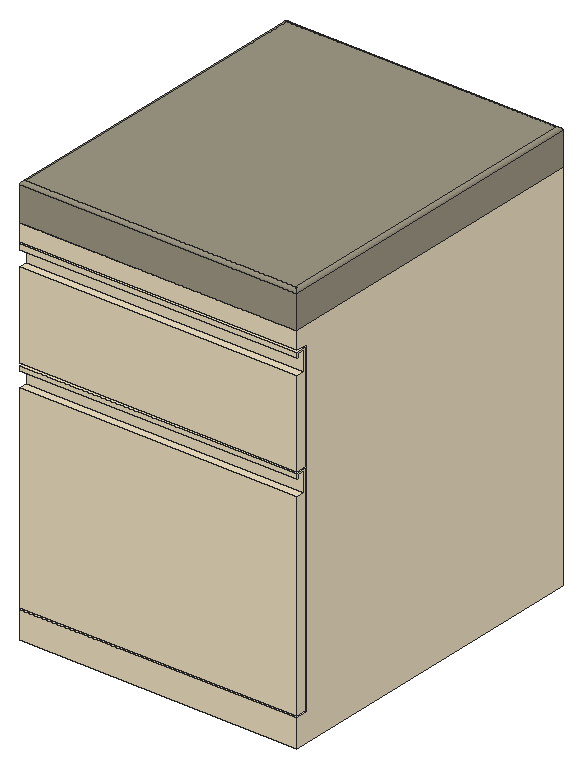
Revit family "19202f2ee04b4053995dd5758f5dfdd9", category Furniture Systems, Revit 2021
Family settings
  Round Connector Dimension = Use Diameter
  Part Type = Normal
  OmniClass Number = 23.40.70.14.64.21
  OmniClass Title = Systems Furniture
  Work Plane-Based = No
  Always vertical = Yes
  Cut with Voids When Loaded = No
  Shared = No
  Room Calculation Point = No
Parameters (values of type "15" x 18" x 21"")
  Width = 15"
  Type Comments = "15\" x 18\" x 21\" Double Drawer Cabinet"
  Show Solid [instance] = not(Show Dashed)  # yes
  Show Dashed [instance] = no
  Seat Visible [instance] = yes
  Seat Material [instance] = Fabric - Burlap
  Model = ""
  Manufacturer = ""
  Keynote = ""
  Height = 21"
  Drawer Material [instance] = Metal - Paint - Beige
  Description = ""
  Depth = 18"
  Default Elevation = 0"
  Cabinet Material [instance] = Metal - Paint - Beige
Types (4): name | Width | Type Comments | Depth
  15" x 22" x 21" | 15" | "15\" x 22\" x 21\" Double Drawer Cabinet" | 22"
  18" x 22" x 21" | 18" | "18\" x 22\" x 21\" Double Drawer Cabinet" | 22"
  15" x 18" x 21" | 15" | "15\" x 18\" x 21\" Double Drawer Cabinet" | 18"
  18" x 18" x 21" | 18" | "18\" x 18\" x 21\" Double Drawer Cabinet" | 18"
Reference planes (in)
  plane 1 "Back": y = 18
  plane 2: z = 0
  plane 3 "Center (Left/Right)": x = 0
  plane 4 "Left": x = -7.5
  plane 5 "Right": x = 7.5
  plane 6 "Center (Front/Back)": y = 0
  plane 7: y = 0.656
  plane 8 "Top": z = 21
  plane 9: z = 2.21875
  plane 10: z = 20.0625
  plane 11: z = 19.9375
  plane 12: z = 18.82855
  plane 13: z = 14.1875
  plane 14: z = 14.0625
  plane 15: z = 12.95355
  plane 16: z = 0.75
  plane 17: y = 3
  plane 18: y = 15
  plane 19: x = -5.375
  plane 20: x = -3.625
  plane 21: x = 5.375
  plane 22: x = 3.625
  plane 23 "Seat Top": z = 23
  plane 24: y = 0.531
  plane 25: z = 36
Forms (in)
  Extrusion 1, solid, material "Metal - Paint - Beige" <- "Cabinet Material"
    sketch origin (0, 22, 0) x (1, 0, 0) y (0, 1, 0)
      loop
        line (-7.5, -4) -> (-7.5, -21.344) -> (7.5, -21.344) -> (7.5, -4) -> (-7.5, -4)
    from 2.21875 to 20.0625
  Extrusion 2, solid, material "Metal - Paint - Beige" <- "Cabinet Material"
    sketch origin (0, 22, 0) x (1, 0, 0) y (0, 1, 0)
      loop
        line (-7.5, -4) -> (-7.5, -22) -> (7.5, -22) -> (7.5, -4) -> (-7.5, -4)
    from 20.0625 to 21
  Extrusion 3, solid, material "Metal - Paint - Beige" <- "Cabinet Material"
    sketch origin (0, 22, 0) x (1, 0, 0) y (0, 1, 0)
      loop
        line (-7.5, -4) -> (-7.5, -22) -> (7.5, -22) -> (7.5, -4) -> (-7.5, -4)
    from 0.75 to 2.21875
  Extrusion 4, solid, material "Metal - Paint - Beige" <- "Drawer Material", detail levels medium+fine
    sketch origin (0, 0, 0) x (0, 1, 0) y (0, 0, 1)
      loop
        line (0, 18.82855) -> (0, 14.1875) -> (0.531, 14.1875) -> (0.531, 19.9375) -> (0, 19.9375) -> (0, 19.6875) -> (0.06, 19.6875) -> (0.06, 19.8775) -> (0.4685, 19.8775) -> (0.4685, 18.82855) -> (0, 18.82855)
    from -7.5 to 7.5
  Extrusion 5, solid, material "Metal - Paint - Beige" <- "Drawer Material", detail levels medium+fine
    sketch origin (0, 0, 0) x (0, 1, 0) y (0, 0, 1)
      loop
        line (0, 12.95355) -> (0, 2.3125) -> (0.531, 2.3125) -> (0.531, 14.0625) -> (0, 14.0625) -> (0, 13.8125) -> (0.06, 13.8125) -> (0.06, 14.0025) -> (0.46966, 14.0025) -> (0.46966, 12.95355) -> (0, 12.95355)
    from -7.5 to 7.5
  Extrusion 6, solid
    sketch origin (0, 0, 0) x (0, 1, 0) y (0, 0, 1)
      loop
        line (2.04399, 0.75) -> (2.23701, 0.36245) -> (2.57765, 0.09522) -> (3, 0) -> (3.42235, 0.09522) -> (3.76299, 0.36245) -> (3.95601, 0.75) -> (2.04399, 0.75)
      loop
        line (14.04399, 0.75) -> (14.23701, 0.36245) -> (14.57765, 0.09522) -> (15, 0) -> (15.42235, 0.09522) -> (15.76299, 0.36245) -> (15.95601, 0.75) -> (14.04399, 0.75)
    from -5.375 to -3.625
  Extrusion 7, solid
    sketch origin (0, -11, 0) x (0, 1, 0) y (0, 0, 1)
      loop
        line (13.04399, 0.75) -> (13.23701, 0.36245) -> (13.57765, 0.09522) -> (14, 0) -> (14.42235, 0.09522) -> (14.76299, 0.36245) -> (14.95601, 0.75) -> (13.04399, 0.75)
      loop
        line (26.76299, 0.36245) -> (26.95601, 0.75) -> (25.04399, 0.75) -> (25.23701, 0.36245) -> (25.57765, 0.09522) -> (26, 0) -> (26.42235, 0.09522) -> (26.76299, 0.36245)
    from 3.625 to 5.375
  Extrusion 8, solid, material "Fabric - Burlap" <- "Seat Material", visible <- "Seat Visible"
    sketch origin (0, 22, 0) x (1, 0, 0) y (0, 1, 0)
      loop
        line (-7.5, -4) -> (-7.5, -22) -> (7.5, -22) -> (7.5, -4) -> (-7.5, -4)
    from 21 to 23
  Extrusion 9, solid, material "Metal - Paint - Beige" <- "Drawer Material", detail levels coarse
    sketch origin (0, 18, 0) x (1, 0, 0) y (0, 0, 1)
      loop
        line (-7.5, 14.0625) -> (-7.5, 2.34375) -> (7.5, 2.34375) -> (7.5, 14.0625) -> (-7.5, 14.0625)
      loop
        line (-7.5, 19.9375) -> (-7.5, 14.1875) -> (7.5, 14.1875) -> (7.5, 19.9375) -> (-7.5, 19.9375)
    from 17.469 to 18
  Sweep 10, void
    path origin (0, 0, 23) x (-1, 0, 0) y (0, -1, 0)
      loop
        line (7.5, -18) -> (7.5, 0) -> (-7.5, 0) -> (-7.5, -18) -> (7.5, -18)
    profile origin (0, 18, 23) x (0, 1, 0) y (0, 0, 1)
      loop
        arc (-0.1875, 0) -> (-0.05492, -0.05492) -> (0, -0.1875) r 0.1875
        line (0, -0.1875) -> (0, 0) -> (-0.1875, 0)
Cuts and joins
  joined: Extrusion 1, Extrusion 2, Extrusion 3
  Sweep 10 cuts Extrusion 8
Lines and regions (in)
  Masking region 1, visible <- "Show Solid"
    outline origin (0, 22, 0) x (1, 0, 0) y (0, 1, 0)
      loop
        line (-7.5, -4) -> (-7.5, -22) -> (7.5, -22) -> (7.5, -4) -> (-7.5, -4)
  Masking region 2, visible <- "Show Dashed"
    outline origin (0, 0, 0) x (1, 0, 0) y (0, 1, 0)
      loop
        line (-7.5, 18) -> (-7.5, 0) -> (7.5, 0) -> (7.5, 18) -> (-7.5, 18)
  symbolic lines, style "Storage", visible <- "Show Solid"
    curve 1: line (-7.5, 0.656, 0) -> (7.5, 0.656, 0)
    curve 4: line (-7.5, 0.656, 0) -> (7.5, 18, 0)
  symbolic lines, style "Dash Lines", visible <- "Show Dashed"
    curve 2: line (-7.5, 0.656, 0) -> (7.5, 0.656, 0)
    curve 3: line (7.5, 18, 0) -> (-7.5, 0.656, 0)
  reference lines
    curve 5: line (0, 0, 36) -> (0, 0, 0)
Dimensions and locks (in)
  "Width": plane 4 "Left" to plane 5 "Right"
  "Depth": plane 6 "Center (Front/Back)" to plane 1 "Back"
  equal spacing: plane 4 "Left", plane 3 "Center (Left/Right)", plane 5 "Right"
  locked: plane 7 to plane 6 "Center (Front/Back)" at 0.656
  locked: plane 9 to Extrusion 5 sketch curve at 0.09375
  locked: plane 14 to Extrusion 5 sketch curve at 0.25
  locked: plane 6 "Center (Front/Back)" to Extrusion 5 sketch curve at 0.06
  locked: plane 6 "Center (Front/Back)" to plane 17 at 3
  locked: plane 18 to plane 1 "Back" at 3
  plane 20 to plane 19 to plane 4 "Left" = 1 3/4" locked, 2 1/8" locked
  plane 5 "Right" to plane 21 to plane 22 = 2 1/8" locked, 1 3/4" locked
  "Height": plane 8 "Top" to plane 2
  plane 8 "Top" to plane 10 to plane 11 to plane 12 to plane 13 to plane 14 to plane 15 = 15/16" locked, 1/8" locked, 1.10895" locked, 4.64105" locked, 1/8" locked, 1.10895" locked
  locked: plane 23 "Seat Top" to plane 8 "Top" at 2
  locked: plane 24 to plane 7 at 0.125
  locked: Extrusion 4 sketch curve to plane 24 at 0.0625
  locked: Extrusion 5 sketch curve to plane 24 at 0.06134
  locked: Extrusion 9 sketch curve to plane 9 at 0.125
  locked: plane 25 to plane 2 at 36
  aligned and locked: plane 1 "Back" to Extrusion 1 sketch curve
  aligned and locked: Extrusion 1 sketch curve to plane 5 "Right"
  aligned and locked: plane 4 "Left" to Extrusion 1 sketch curve
  aligned and locked: plane 7 to Extrusion 1 sketch curve
  aligned and locked: Extrusion 1 to plane 9
  aligned and locked: plane 1 "Back" to Extrusion 2 sketch curve
  aligned and locked: Extrusion 2 sketch curve to plane 5 "Right"
  aligned and locked: plane 4 "Left" to Extrusion 2 sketch curve
  aligned and locked: plane 6 "Center (Front/Back)" to Extrusion 2 sketch curve
  aligned and locked: Extrusion 2 to plane 10
  aligned and locked: plane 8 "Top" to Extrusion 2
  aligned and locked: plane 1 "Back" to Extrusion 3 sketch curve
  aligned and locked: Extrusion 3 sketch curve to plane 5 "Right"
  aligned and locked: plane 4 "Left" to Extrusion 3 sketch curve
  aligned and locked: plane 6 "Center (Front/Back)" to Extrusion 3 sketch curve
  aligned and locked: plane 9 to Extrusion 3
  aligned and locked: Extrusion 3 to plane 16
  aligned and locked: Extrusion 1 to plane 10
  aligned and locked: Extrusion 4 sketch curve to plane 11
  aligned and locked: Extrusion 4 sketch curve to plane 6 "Center (Front/Back)"  (x2)
  aligned and locked: Extrusion 4 sketch curve to plane 12
  aligned and locked: plane 13 to Extrusion 4 sketch curve
  aligned and locked: Extrusion 5 sketch curve to plane 15
  aligned and locked: Extrusion 5 sketch curve to plane 6 "Center (Front/Back)"  (x2)
  aligned and locked: Extrusion 5 sketch curve to plane 14
  aligned and locked: Extrusion 5 to plane 4 "Left"
  aligned and locked: plane 5 "Right" to Extrusion 5
  aligned and locked: Extrusion 4 to plane 4 "Left"
  aligned and locked: plane 5 "Right" to Extrusion 4
  aligned and locked: plane 19 to Extrusion 6
  aligned and locked: plane 20 to Extrusion 6
  aligned and locked: plane 21 to Extrusion 7
  aligned and locked: plane 22 to Extrusion 7
  aligned and locked: level to plane 2
  aligned and locked: Extrusion 7 sketch curve to Extrusion 6  (x2)
  aligned and locked: plane 1 "Back" to Extrusion 8 sketch curve
  aligned and locked: plane 4 "Left" to Extrusion 8 sketch curve
  aligned and locked: plane 6 "Center (Front/Back)" to Extrusion 8 sketch curve
  aligned and locked: Extrusion 8 sketch curve to plane 5 "Right"
  aligned and locked: Extrusion 8 to plane 8 "Top"
  aligned and locked: plane 23 "Seat Top" to Extrusion 8
  aligned and locked: plane 24 to Extrusion 4 sketch curve
  aligned and locked: plane 24 to Extrusion 5 sketch curve
  aligned and locked: plane 1 "Back" to Masking region 1 sketch curve
  aligned and locked: Masking region 1 sketch curve to plane 5 "Right"
  aligned and locked: plane 6 "Center (Front/Back)" to Masking region 1 sketch curve
  aligned and locked: plane 4 "Left" to Masking region 1 sketch curve
  aligned and locked: plane 4 "Left" to Extrusion 9 sketch curve  (x2)
  aligned and locked: Extrusion 9 sketch curve to plane 14
  aligned and locked: Extrusion 9 sketch curve to plane 5 "Right"  (x2)
  aligned and locked: plane 13 to Extrusion 9 sketch curve
  aligned and locked: Extrusion 9 sketch curve to plane 11
  aligned and locked: plane 24 to Extrusion 9
  aligned and locked: Extrusion 9 to plane 6 "Center (Front/Back)"
  aligned and locked: plane 1 "Back" to Sweep 10 sketch curve
  aligned and locked: Sweep 10 sketch curve to plane 5 "Right"
  aligned and locked: plane 6 "Center (Front/Back)" to Sweep 10 sketch curve
  aligned and locked: plane 4 "Left" to Sweep 10 sketch curve
  aligned and locked: curve 2 to plane 7
  aligned and locked: plane 5 "Right" to curve 2
  aligned and locked: plane 5 "Right" to curve 3
  aligned and locked: plane 1 "Back" to curve 3
  aligned and locked: plane 4 "Left" to curve 3
  aligned and locked: plane 5 "Right" to curve 4
  aligned and locked: plane 1 "Back" to curve 4
  aligned and locked: plane 25 to curve 5
  aligned and locked: plane 2 to curve 5
  aligned and locked: curve 5 to plane 3 "Center (Left/Right)"
  aligned and locked: plane 1 "Back" to Masking region 2 sketch curve
  aligned and locked: plane 4 "Left" to Masking region 2 sketch curve
  aligned and locked: plane 6 "Center (Front/Back)" to Masking region 2 sketch curve
  aligned and locked: Masking region 2 sketch curve to plane 5 "Right"
Automatic sketch dimensions
  plane 6 "Center (Front/Back)" to Extrusion 4 sketch curve = 0.06"
  Extrusion 4 sketch curve to plane 11 = 1/4"
  Extrusion 4 sketch curve to plane 11 = 0.06"
  Extrusion 6 sketch curve to plane 16 = 0"  (x2)
  Extrusion 6 sketch curve to level = 0"  (x2)
  Extrusion 6 sketch curve to plane 17 = 0"
  Extrusion 6 sketch curve to plane 18 = 0"
  level to Extrusion 6 sketch curve = 0.09522"  (x4)
  Extrusion 6 sketch curve to plane 17 = 0.42235"
  level to Extrusion 6 sketch curve = 0.36245"  (x4)
  Extrusion 6 sketch curve to Extrusion 6 sketch curve = 0.34064"  (x3)
  Extrusion 6 sketch curve to Extrusion 6 sketch curve = 0.19302"  (x4)
  plane 17 to Extrusion 6 sketch curve = 0.42235"
  Extrusion 6 sketch curve to plane 18 = 0.95601"
  Extrusion 6 sketch curve to plane 18 = 0.42235"
  plane 18 to Extrusion 6 sketch curve = 0.42235"
  Extrusion 7 sketch curve to plane 16 = 0"  (x2)
  Extrusion 7 sketch curve to level = 0"  (x2)
  plane 6 "Center (Front/Back)" to Extrusion 7 sketch curve = 2.04399"
  level to Extrusion 7 sketch curve = 0.36245"  (x2)
  Extrusion 7 sketch curve to Extrusion 7 sketch curve = 0.19302"  (x4)
  level to Extrusion 7 sketch curve = 0.09522"  (x4)
  Extrusion 7 sketch curve to Extrusion 7 sketch curve = 0.34064"  (x2)
  Extrusion 7 sketch curve to Extrusion 7 sketch curve = 0.42235"  (x2)
  Extrusion 7 sketch curve to plane 18 = 0.42235"
  Extrusion 7 sketch curve to plane 18 = 0"
  plane 18 to Extrusion 7 sketch curve = 0.42235"
  Extrusion 5 sketch curve to plane 14 = 0.06"
  Sweep 10 sketch curve to plane 23 "Seat Top" = 0"
  Sweep 10 sketch curve to profile plane = 0"
  Sweep 10 sketch curve to plane 23 "Seat Top" = 3/16"
